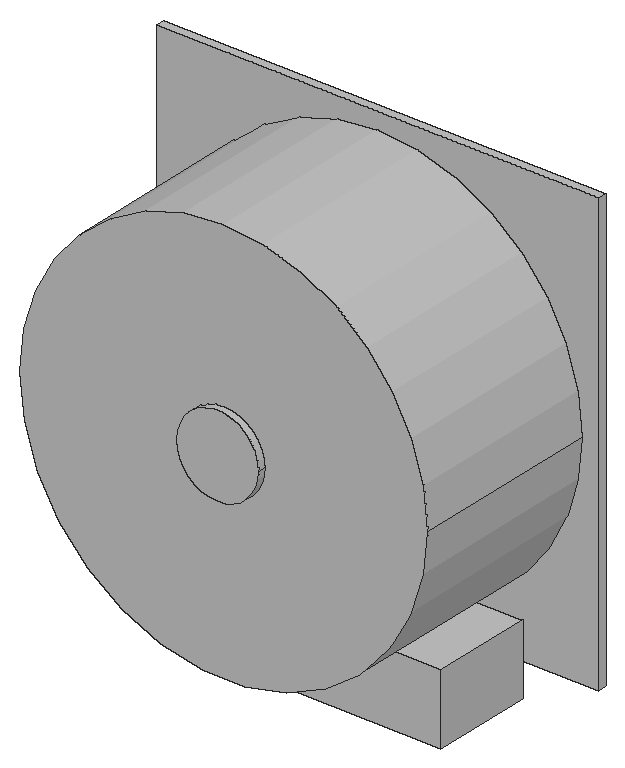
Revit family "ewdc-40esa(-q)_50Hz", category 機械設備, Revit 2019
Family settings
  丸型コネクタ寸法 = 直径を使用
  パーツ タイプ = 標準
  OmniClass 番号 = 23.75.35.21.17
  OmniClass タイトル = Industrial Ventilating Equipment
  作業面ベース = いいえ
  常に垂直 = はい
  ロード時にボイドで切り取り = はい
  共有 = いいえ
  部屋計算ポイント = はい
Parameters (values of type "EWDC-40ESA")
  騒音レベル(dB(A)) [instance] = 57
  風量 [instance] = 設計風量  # 0.0 m³/h
  電源種別 [instance] = ""
  電圧 = 100 V
  電動機出力 = 400 W
  電動機_種別 [instance] = ""
  運転質量 = 0.00 kg
  連動 [instance] = ""
  質量 = if(製品質量 > 運転質量, 製品質量, 運転質量) * 1.2  # 10.80 kg
  負荷分類 = 3_ファン類
  説明 = "産業用有圧換気扇 低騒音形 速度調節タイプ 排気専用"
  設計風量 [instance] = 0.0 m³/h
  設置方法 = "壁付"
  記号 [instance] = ""
  製造元 = "三菱電機株式会社"
  製品質量 = 9.00 kg
  製品出荷対象 = "国内"
  製品リリース年月 = "2022年6月1日"
  製品グループ = ""
  羽根径 = "∅400"
  オリフィス_Depth = 237 mm
  系統 [instance] = ""
  符号 [instance] = if(☑給気／□排気, "FS", "FE")  # "FE"
  積算_科目 = ""
  積算_拾い区分 [instance] = ""
  相 = 1
  盤記号 [instance] = ""
  盤工事区分 = ""
  発停方法 [instance] = ""
  特殊仕様 [instance] = ""
  火災停止 [instance] = ""
  消費電力 = 400 W
  法定耐用年数 = "15"
  極数 = 2
  極 = 0
  材質 [instance] = ""
  操作・制御方式 = ""
  操作・制御スイッチ = ""
  排気量 [instance] = if(☑給気／□排気, 0.0 m³/h, 設計風量)  # 0.0 m³/h
  形式 = ""
  幹線記号 [instance] = ""
  対象室 [instance] = ""
  実風量 [instance] = 0.0 m³/h
  始動方式 [instance] = "直入"
  外気量 [instance] = if(☑給気／□排気, 設計風量, 0.0 m³/h)  # 0.0 m³/h
  呼称 = "有圧扇"
  周波数 = 50 Hz
  参照している仕様書等のバージョン = ""
  分類コード = "50052503100110"
  分類グループ = ""
  価格 = 153000
  企業コード = "108420"
  付属品_防振装置 = ""
  付属品 [instance] = ""
  仕様書バージョン = "Version1.0"
  モーター径 = 96 mm
  モデル = "EWDC-40ESA"
  ボックス_Width = 340 mm
  ボックス_Height = 82.6 mm
  ボックス_Depth = 130 mm
  フレームの厚さ = 10 mm
  ファンの種類 = "軸流羽根"
  コメント [instance] = ""
  Keynote = ""
  ☑給気／□排気 [instance] = no
  Width = 520 mm
  Version = ""
  Uniclass2015Version = "Systems v1.9"
  Uniclass2015Title = "Propeller fans"
  Uniclass2015Code = "Pr_65_67_29_67"
  URL = "https://www.mitsubishielectric.co.jp/ldg/wink/ssl/displayProduct.do?pid=318230"
  SpecificationReference = ""
  SpecificationDescription = ""
  SMIN風量 = 1800.0 m³/h
  Revision = ""
  ProductInformation = ""
  OmniClassCode = "23-33 31 19 11 17"
  MIN風量 = 2900.0 m³/h
  MID風量 = 4350.0 m³/h
  MAX風量 = 5800.0 m³/h
  IfcTypeProduct = ""
  IfcProduct = ""
  IfcExportType = "TUBEAXIAL"
  IfcExportAs = "IfcFanType"
  Height = 560 mm
  オリフィス径 = 480 mm
  H1 = 520 mm
  Depth = 246 mm
  Author = "三菱電機株式会社"
Types (2, lengths in mm): name | 騒音レベル(dB(A)) | 符号 | 消費電力 | 価格 | モデル | ☑給気／□排気 | URL | オリフィス径
  EWDC-40ESA | 57 | "FE" | 400 W | 153000 | "EWDC-40ESA" | no | "https://www.mitsubishielectric.co.jp/ldg/wink/ssl/displayProduct.do?pid=318230" | 480
  EWDC-40ESA-Q | 59 | "FS" | 365 W | 169000 | "EWDC-40ESA-Q" | yes | "https://www.mitsubishielectric.co.jp/ldg/wink/ssl/displayProduct.do?pid=318231" | 423
Reference planes
  plane 1 "中心(正面/背面)": y = 0
  plane 2: z = 0
  plane 3 "中心(左/右)": x = 0
  plane 4: z = 0
  plane 5: through (212.832, -1524, 243.759) normal (-0.6508, 0, -0.7593)
  plane 6: through (-212.884, -1524, -243.751) normal (0.6508, 0, 0.7593)
  plane 7: through (208.307, -1524, -247.63) normal (-0.6508, 0, 0.7593)
  plane 8: z = 260
  plane 9: z = -260
  plane 10 "左": x = -260
  plane 11 "右": x = 260
  plane 12 "正面": y = -246
  plane 13: y = -10
  plane 14: through (-208.307, -1524, -247.63) normal (-0.6508, 0, -0.7593)
  plane 15: y = 4
  plane 16: y = 104
  plane 17: x = -250
  plane 18: x = 250
  plane 19: y = -130
  plane 20: y = -237
  plane 21: x = -170
  plane 22: x = 170
  plane 23: z = -217.4
  plane 24: z = -300
Forms (mm)
  Extrusion 1, solid, detail levels fine
    sketch origin (0, 0, 0) x (1, 0, 0) y (0, 1, 0)
      loop
        line (-260, 0) -> (-260, -10) -> (260, -10) -> (260, 0) -> (-260, 0)
    from -260 to 260
  Extrusion 2, solid, detail levels fine
    sketch origin (140, -23.659, 0) x (-1, 0, 0) y (0, 0, -1)
      loop
        circle (140, 0) r 48
    from 213.341 to 222.341
  Extrusion 3, solid
    sketch origin (0, -153.783, 0) x (1, 0, 0) y (0, 0, 1)
      loop
        circle (0, 0) r 240
    from -143.783 to 83.217
  Extrusion 4, solid
    sketch origin (0, -246, 0) x (0, 0, -1) y (1, 0, 0)
      loop
        line (217.4, -170) -> (300, -170) -> (300, 170) -> (217.4, 170) -> (217.4, -170)
    from -236 to -116
Cuts and joins
  joined: Extrusion 3, Extrusion 4
Lines and regions (mm)
  Masking region 1, detail levels coarse+medium
    outline origin (0, 0, 0) x (1, 0, 0) y (0, 1, 0)
      loop
        line (-250, -246) -> (250, -246) -> (250, 4) -> (-250, 4) -> (-250, -246)
  Masking region 2, detail levels coarse+medium
    outline origin (0, 0, 0) x (1, 0, 0) y (0, 1, 0)
      loop
        line (-224, 4) -> (224, 4) -> (224, 104) -> (-224, 104) -> (-224, 4)
  symbolic lines, detail levels coarse+medium
    curve 1: circle (224, -253, 0) r 115 normal (0, 0, 1)
    curve 2: circle (-224, -253, 0) r 115 normal (0, 0, -1)
Dimensions and locks
  level to plane 4 = 0 mm
  equal spacing: plane 8, level, plane 9
  "Depth": plane 12 "正面" to plane 1 "中心(正面/背面)"  (x2)
  "Width": plane 10 "左" to plane 11 "右"
  "フレームの厚さ": plane 13 to plane 1 "中心(正面/背面)"
  plane 12 "正面" to plane 15 to plane 16 = 250 mm locked, 100 mm locked
  locked: plane 17 to plane 18 at 500
  "オリフィス_Depth": plane 1 "中心(正面/背面)" to plane 20
  equal spacing: plane 10 "左", plane 3 "中心(左/右)", plane 11 "右"
  "ボックス_Depth": plane 1 "中心(正面/背面)" to plane 19
  equal spacing: plane 22, plane 3 "中心(左/右)", plane 21
  "ボックス_Width": plane 22 to plane 21
  "ボックス_Height": plane 23 to plane 24
  "Height": plane 8 to plane 24
  "H1": plane 8 to plane 9
  "オリフィス径": diameter of Extrusion 3 sketch curve
  "モーター径": diameter of Extrusion 2 sketch curve
  aligned and locked: level to plane 2
  aligned and locked: Extrusion 1 to plane 8
  aligned and locked: plane 10 "左" to Extrusion 1
  aligned and locked: Extrusion 1 to plane 11 "右"
  aligned and locked: plane 9 to Extrusion 1
  aligned and locked: Extrusion 1 to plane 13
  aligned and locked: Extrusion 1 to plane 1 "中心(正面/背面)"  (x5)
  aligned and locked: plane 12 "正面" to Extrusion 2
  aligned and locked: plane 1 "中心(正面/背面)" to Extrusion 1  (x2)
  aligned and locked: plane 4 to Extrusion 2 sketch curve
  aligned and locked: plane 12 "正面" to Masking region 1 sketch curve
  aligned and locked: plane 17 to Masking region 1 sketch curve
  aligned and locked: plane 15 to Masking region 1 sketch curve
  aligned and locked: plane 18 to Masking region 1 sketch curve
  aligned and locked: Masking region 2 sketch curve to plane 15
  aligned and locked: plane 16 to Masking region 2 sketch curve
  aligned and locked: Extrusion 3 to Extrusion 1
  aligned and locked: plane 20 to Extrusion 2
  aligned and locked: Extrusion 3 to plane 20
  aligned and locked: Extrusion 4 sketch curve to plane 23
  aligned and locked: Extrusion 4 sketch curve to plane 21
  aligned and locked: plane 24 to Extrusion 4 sketch curve
  aligned and locked: Extrusion 4 sketch curve to plane 22
  aligned and locked: plane 13 to Extrusion 4
  aligned and locked: Extrusion 4 to plane 19
Automatic sketch dimensions
  Extrusion 1 sketch curve to plane 10 "左" = 0 mm
  Extrusion 1 sketch curve to plane 11 "右" = 0 mm
  Extrusion 1 sketch curve to plane 13 = 0 mm
  plane 1 "中心(正面/背面)" to Extrusion 1 sketch curve = 0 mm
  Extrusion 3 sketch curve to level = 0 mm
  Extrusion 3 sketch curve to plane 3 "中心(左/右)" = 0 mm
  curve 2 to plane 20 = 16 mm
  curve 1 to plane 20 = 16 mm
  curve 2 to plane 10 "左" = 36 mm
  Masking region 2 sketch curve to plane 10 "左" = 36 mm
  plane 11 "右" to curve 1 = 36 mm
  plane 11 "右" to Masking region 2 sketch curve = 36 mm
  Extrusion 2 sketch curve to plane 3 "中心(左/右)" = 0 mm
  radius of curve 1 = 115 mm
  radius of curve 2 = 115 mm
Connectors
  electrical at (260, -5, 0), driven by "電圧", driven by "負荷分類", driven by "消費電力", driven by "極数"
    settings: on Extrusion 1, index 2, voltage 100 V, apparent load 400 VA, apparent load phase1 0 VA, apparent load phase2 0 VA, apparent load phase3 0 VA, power factor 1, load classification "3_ファン類", number of poles 2, system type 30, power factor state 1, is connector primary yes, connector utility no, sub classification motor no, connector description ""
